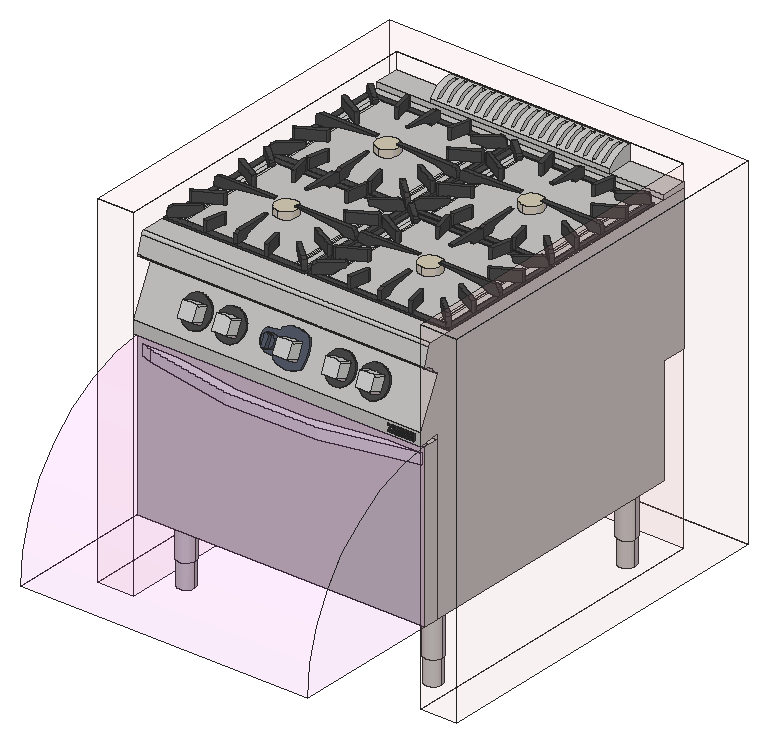
Revit family "QF_ZANUSSI_392029_Z9GCGH4CGL", category Attrezzature speciali, Revit 2020
Family settings
  Quota connettore circolare = Usa diametro
  Tipo di parte = Normale
  Basato su piano di lavoro = No
  Sempre verticale = Sì
  Taglio con vuoti quando caricato = No
  Condiviso = No
  Punto di calcolo locali = No
Parameters (values of type "Standard")
  Weight = 155.00 kg
  Watts = 0 W
  Volts = 0 V
  URL Manufacturer = "http://www.zanussiprofessional.com"
  URL = "http://www.zanussiprofessional.com"
  Steam Supply Size = 0 mm
  Steam Supply Minimum Pressure = 0.0 Pa
  Steam Supply Maximum Pressure = 0.0 Pa
  Steam Consumption per Hour = 0
  Show Logo [instance] = yes
  Show Clearance [instance] = yes
  Refrigeration Suction Line Size = 0 mm
  Refrigeration Liquid Line Size = 0 mm
  Refrigerant Compressor Remote = yes
  Prospetto di default = 0 mm
  Produttore = "Zanussi"
  Phase = 0
  Modello = "Z9GCGH4CGL"
  Length Actual = 800 mm  # constant formula
  Item Number = "392029"
  Hot Water Size = 0 mm
  Height Actual = 850 mm  # constant formula
  HP = "0 HP"
  Gas Size = 12.7 mm
  Gas KW = 32.5
  Gas Input Pressure = 0.332593 W
  Direct Waste Size = 0 mm
  Descrizione = "4X6KW-BURNER(CAST)GAS RANGE+OVEN 800MM"
  Depth Actual = 900 mm  # constant formula
  Cycle = 0 Hz
  Condensate Return Size = 0 mm
  Compressed Air Volume = 0.0 L/s
  Compressed Air Size = 0 mm
  Compressed Air Pressure = 0.0 Pa
  Cold Water Size = 0 mm
  Accessory = yes
Reference planes
  plane 1 "Back": y = 0
  plane 2: z = 0
  plane 3 "Left": x = 0
  plane 4: x = 800
  plane 5: z = 850
  plane 6: x = 400
  plane 7: x = 900
  plane 8: x = -100
  plane 9: y = 100
  plane 10: y = -915
Forms (mm)
  Extrusion 1, solid, material "QF_Finishes_Clearance", visible <- "Show Clearance"
    sketch origin (0, 0, 0) x (1, 0, 0) y (0, 1, 0)
      loop
        line (-100, -915) -> (0, -915) -> (0, 0) -> (800, 0) -> (800, -915) -> (900, -915) -> (900, 100) -> (-100, 100) -> (-100, -915)
    from 0 to 958.9
  Extrusion 2, solid, material "QF_Finishes_Stainless Steel"
    sketch origin (0, 50, 661.213) x (0, 1, 0) y (0, 0, 1)
      loop
        line (-50, 238.788) -> (-50, 253.075) -> (-119.85, 253.075) -> (-119.85, 238.788) -> (-50, 238.788)
    from 0 to 800
  Extrusion 3, solid, material "QF_Finishes_Stainless Steel"
    sketch origin (0, 50, 661.212) x (0, 1, 0) y (0, 0, 1)
      loop
        line (-50, 238.788) -> (-929.358, 238.788)
        arc (-929.358, 238.788) -> (-934.643, 236.598) -> (-936.833, 231.313) r 7.474
        line (-936.833, 231.313) -> (-949.884, 185.798)
        arc (-949.884, 185.798) -> (-949.396, 183.166) -> (-947, 181.971) r 3
        line (-947, 181.971) -> (-936.802, 181.971) -> (-904.982, 150.152) -> (-965, 29.296) -> (-965, -5.704) -> (-908.645, 2.216)
        arc (-908.645, 2.216) -> (-906.101, 1.462) -> (-905, -0.953) r 3.2
        line (-905, -0.953) -> (-905, -462.212) -> (-120, -462.212) -> (-120, -162.212) -> (-50, -162.212) -> (-50, 238.788)
      loop
        line (-950, -11.212) -> (-950, -462.212) -> (-910, -462.212) -> (-910, -11.212) -> (-950, -11.212)
    from 0 to 800
  Extrusion 4, solid, material "QF_Finishes_Door Clearance", visible <- "Show Clearance"
    sketch origin (0, -206.665, 6.362) x (0, 1, 0) y (0, 0, 1)
      loop
        line (-1103.537, 192.638) -> (-683.335, 192.638) -> (-683.335, 645.379)
        arc (-683.335, 645.379) -> (-982.298, 501.484) -> (-1103.537, 192.638) r 454.002
    from 0 to 800
  Extrusion 5, solid, material "QF_Finishes_Stainless Steel"
    sketch origin (-303.042, -201, 191.278) x (-1, 0, 0) y (0, -1, 0)
      loop
        circle (-1052.042, 464) r 6.35
    from -1.278 to 7.722
Dimensions and locks
  plane 3 "Left" to plane 4 = 800 mm
  equal spacing: plane 3 "Left", plane 6, plane 4
  plane 1 "Back" to plane 9 = 100 mm
  plane 4 to plane 7 = 100 mm
  plane 8 to plane 3 "Left" = 100 mm
  plane 1 "Back" to plane 10 = 915 mm
  Extrusion 3 to level = 900 mm
  aligned and locked: level to plane 2
Automatic sketch dimensions
  Extrusion 1 sketch curve to plane 8 = 0 mm
  Extrusion 1 sketch curve to plane 3 "Left" = 0 mm
  plane 1 "Back" to Extrusion 1 sketch curve = 0 mm
  Extrusion 1 sketch curve to plane 4 = 0 mm
  Extrusion 1 sketch curve to plane 7 = 0 mm
  Extrusion 1 sketch curve to plane 10 = 0 mm  (x2)
  Extrusion 1 sketch curve to plane 9 = 0 mm
  Extrusion 2 sketch curve to plane 1 "Back" = 0 mm
  plane 1 "Back" to Extrusion 2 sketch curve = 69.85 mm
  Extrusion 2 sketch curve to plane 5 = 50 mm
  Extrusion 2 sketch curve to Extrusion 2 sketch curve = 14.288 mm
  Extrusion 3 sketch curve to plane 10 = 0 mm
  Extrusion 3 sketch curve to plane 1 "Back" = 0 mm
  plane 10 to Extrusion 3 sketch curve = 15 mm
  plane 5 to Extrusion 3 sketch curve = 2.989 mm
  plane 10 to Extrusion 3 sketch curve = 15.116 mm
  Extrusion 3 sketch curve to Extrusion 3 sketch curve = 2.884 mm
  plane 10 to Extrusion 3 sketch curve = 28.167 mm
  Extrusion 3 sketch curve to Extrusion 3 sketch curve = 10.198 mm
  Extrusion 3 sketch curve to Extrusion 3 sketch curve = 7.474 mm
  Extrusion 3 sketch curve to Extrusion 3 sketch curve = 40 mm
  Extrusion 3 sketch curve to Extrusion 3 sketch curve = 1.355 mm
  Extrusion 3 sketch curve to Extrusion 3 sketch curve = 0.445 mm
  Extrusion 3 sketch curve to Extrusion 3 sketch curve = 5 mm
  Extrusion 3 sketch curve to Extrusion 3 sketch curve = 31.82 mm
  plane 1 "Back" to Extrusion 3 sketch curve = 70 mm
  Extrusion 3 sketch curve to Extrusion 3 sketch curve = 0.827 mm
  plane 5 to Extrusion 3 sketch curve = 38.636 mm
  Extrusion 3 sketch curve to Extrusion 3 sketch curve = 120.856 mm
  Extrusion 3 sketch curve to Extrusion 3 sketch curve = 27.08 mm
  Extrusion 3 sketch curve to Extrusion 3 sketch curve = 35 mm
  Extrusion 3 sketch curve to Extrusion 3 sketch curve = 5.508 mm
  Extrusion 3 sketch curve to plane 5 = 42.526 mm
  Extrusion 4 sketch curve to plane 10 = 395.202 mm
  plane 10 to Extrusion 4 sketch curve = 25 mm
  Extrusion 4 sketch curve to Extrusion 4 sketch curve = 33.8 mm
  plane 4 to Extrusion 5 sketch curve = 51 mm
  plane 10 to Extrusion 5 sketch curve = 250 mm
  plane 5 to Extrusion 3 sketch curve = 351 mm
  level to Extrusion 3 sketch curve = 199 mm  (x2)
  level to Extrusion 4 sketch curve = 199 mm
  radius of Extrusion 5 sketch curve = 6.35 mm
Nested families
  nested 1: "Uscita_Fumi_500" at (400, -34.925, 914.288), type "Uscita_Fumi_500"
  nested 2: "ZANUSSI_BURNER" at (2.5, -458.125, 50), type "ZANUSSI_BURNER"
    with Status "", Specification by User "", Revision Code "", Item Number "", Installed By "", Identify Quantity as Lot yes, Furnished By "", Foodservice Equipment Identifier yes
  nested 3: "ZANUSSI_BURNER" at (2.5, -454.983, 50), type "ZANUSSI_BURNER"
    with Status "", Specification by User "", Revision Code "", Item Number "", Installed By "", Identify Quantity as Lot yes, Furnished By "", Foodservice Equipment Identifier yes
  nested 4: "ZANUSSI_BURNER" at (797.5, -458.125, 50) x (-1, 0, 0) z (0, 0, 1), type "ZANUSSI_BURNER"
    with Status "", Specification by User "", Revision Code "", Item Number "", Installed By "", Identify Quantity as Lot yes, Furnished By "", Foodservice Equipment Identifier yes
  nested 5: "ZANUSSI_BURNER" at (797.5, -454.983, 50) x (-1, 0, 0) z (0, 0, 1), type "ZANUSSI_BURNER"
    with Status "", Specification by User "", Revision Code "", Item Number "", Installed By "", Identify Quantity as Lot yes, Furnished By "", Foodservice Equipment Identifier yes
  nested 6: "CONTROLLER_XP-ZAN" at (698, -884.548, 751.827) x (1, 0, 0) z (0, -0.8956, 0.4448), type "CONTROLLER_XP-ZAN"
  nested 7: "CONTROLLER_XP-ZAN" at (603, -884.548, 751.827) x (1, 0, 0) z (0, -0.8956, 0.4448), type "CONTROLLER_XP-ZAN"
  nested 8: "CONTROLLER_XP-ZAN" at (298, -884.548, 751.827) x (1, 0, 0) z (0, -0.8956, 0.4448), type "CONTROLLER_XP-ZAN"
  nested 9: "CONTROLLER_XP-ZAN" at (203, -884.548, 751.827) x (1, 0, 0) z (0, -0.8956, 0.4448), type "CONTROLLER_XP-ZAN"
  nested 10: "CONTROLLER_DOPPIO_ZAN" at (391.481, -884.548, 751.827) x (1, 0, 0) z (0, -0.8956, 0.4448), type "CONTROLLER_DOPPIO_ZAN"
  nested 11: "ZANUSSI_Logo" at (749.92, -915, 722.184) x (1, 0, 0) z (0, -1, 0), Show Logo <- "Show Logo", visible <- "Show Logo", type "ZANUSSI_Logo"
    with Show Logo yes
  nested 12: "MANIGLIONE_ZANUSSI" at (400, -900, 615.684) x (1, 0, 0) z (0, -1, 0), type "MANIGLIONE_ZANUSSI"
  nested 13: "Piedino 50xH200_par" at (56, -128, 0), type "Piedino 50xH200_par"
    with H 200 mm
  nested 14: "Piedino 50xH200_par" at (744, -128, 0), type "Piedino 50xH200_par"
    with H 200 mm
  nested 15: "Piedino 50xH200_par" at (744, -802, 0), type "Piedino 50xH200_par"
    with H 200 mm
  nested 16: "Piedino 50xH200_par" at (56, -802, 0), type "Piedino 50xH200_par"
    with H 200 mm
Connectors
  piping at (749, -665, 190), diameter 12.7, driven by "Gas Size"
    settings: on Extrusion 5, index 13, connector inside diameter 12.8 mm, connector length 0 mm, flow factor 0, pipe flow 0.0 L/s, pressure drop 0.0 Pa, fitting loss kfactor 0, connector angle 0.00°, fixture units 0, engagement length 0 mm, angle of deflection 0.00°, flow configuration 1, flow direction 1, fitting loss method 0, system type 29, joint type 0, gender type 0, connector reference index -1, connector utility 0, adjustable connector no, is connector primary yes, connector description "Gas Connection"
Definition of nested family "Uscita_Fumi_500"
  Parameters (values of type "Uscita_Fumi_500")
    Default Elevation = 1219.2 mm
  Reference planes
    plane 1 "Centro (Fronte/Retro)": y = 0
    plane 2: z = 0
    plane 3 "Centro (Sinistra/Destra)": x = 0
  Forms (mm)
    Extrusion 1, solid
      sketch origin (0, 0, 0) x (1, 0, 0) y (0, 1, 0)
        loop
          line (-1219.2, 1219.2) -> (-1219.2, -1219.2) -> (1219.2, -1219.2) -> (1219.2, 1219.2) -> (-1219.2, 1219.2)
      from 0 to -304.8
    Extrusion 2, solid
      sketch origin (-150, 34.925, -289.638) x (0, 1, 0) y (0, 0, 1)
        loop
          line (0, 289.638) -> (0, 331.738)
          arc (0, 331.738) -> (-38.857, 324.552) -> (-69.85, 300.038) r 82.056
          line (-69.85, 300.038) -> (-69.85, 289.638) -> (0, 289.638)
      from -100 to 400
    Extrusion 3, void
      sketch origin (-262.5, 34.925, -15) x (0, -1, 0) y (1, 0, 0)
        loop
          line (6.761, 29.703) -> (63.911, 29.703) -> (63.911, 38.999) -> (6.761, 38.999) -> (6.761, 29.703)
        loop
          line (63.911, 64.487) -> (6.761, 64.487) -> (6.761, 55.191) -> (63.911, 55.191) -> (63.911, 64.487)
        loop
          line (63.911, 89.975) -> (6.761, 89.975) -> (6.761, 80.68) -> (63.911, 80.68) -> (63.911, 89.975)
        loop
          line (63.911, 115.464) -> (6.761, 115.464) -> (6.761, 106.168) -> (63.911, 106.168) -> (63.911, 115.464)
        loop
          line (63.911, 140.952) -> (6.761, 140.952) -> (6.761, 131.656) -> (63.911, 131.656) -> (63.911, 140.952)
        loop
          line (63.911, 166.44) -> (6.761, 166.44) -> (6.761, 157.145) -> (63.911, 157.145) -> (63.911, 166.44)
        loop
          line (63.911, 191.929) -> (6.761, 191.929) -> (6.761, 182.633) -> (63.911, 182.633) -> (63.911, 191.929)
        loop
          line (63.911, 217.417) -> (6.761, 217.417) -> (6.761, 208.121) -> (63.911, 208.121) -> (63.911, 217.417)
        loop
          line (63.911, 242.905) -> (6.761, 242.905) -> (6.761, 233.61) -> (63.911, 233.61) -> (63.911, 242.905)
        loop
          line (63.911, 268.394) -> (6.761, 268.394) -> (6.761, 259.098) -> (63.911, 259.098) -> (63.911, 268.394)
        loop
          line (63.911, 293.882) -> (6.761, 293.882) -> (6.761, 284.586) -> (63.911, 284.586) -> (63.911, 293.882)
        loop
          line (63.911, 319.37) -> (6.761, 319.37) -> (6.761, 310.075) -> (63.911, 310.075) -> (63.911, 319.37)
        loop
          line (63.911, 344.859) -> (6.761, 344.859) -> (6.761, 335.563) -> (63.911, 335.563) -> (63.911, 344.859)
        loop
          line (63.911, 370.347) -> (6.761, 370.347) -> (6.761, 361.051) -> (63.911, 361.051) -> (63.911, 370.347)
        loop
          line (63.911, 393.394) -> (6.761, 393.394) -> (6.761, 384.098) -> (63.911, 384.098) -> (63.911, 393.394)
        loop
          line (63.911, 418.882) -> (6.761, 418.882) -> (6.761, 409.586) -> (63.911, 409.586) -> (63.911, 418.882)
        loop
          line (63.911, 444.37) -> (6.761, 444.37) -> (6.761, 435.075) -> (63.911, 435.075) -> (63.911, 444.37)
        loop
          line (63.911, 469.859) -> (6.761, 469.859) -> (6.761, 460.563) -> (63.911, 460.563) -> (63.911, 469.859)
        loop
          line (63.911, 495.347) -> (6.761, 495.347) -> (6.761, 486.051) -> (63.911, 486.051) -> (63.911, 495.347)
      from 25.4 to 63.5
  Cuts and joins
    Extrusion 3 cuts Extrusion 2
  Dimensions and locks
    cut or joined group of Extrusion 2, Extrusion 3 to cut or joined group of Extrusion 2, Extrusion 3 = 500 mm
    aligned and locked: plane 2 to Extrusion 1
    aligned and locked: level to Extrusion 1
Definition of nested family "ZANUSSI_BURNER"
  Parameters (values of type "ZANUSSI_BURNER")
    Weight in Pounds = 0
    URL Cutsheet = ""
    URL = "www.electrolux.com"
    Type Mark [instance] = ""
    Status [instance] = ""
    Specification by User [instance] = ""
    Specification by Manufacturer = ""
    Show Clearance [instance] = yes
    Serial Number = ""
    Seismic Rating = ""
    SMACNA No = ""
    Revision Code [instance] = ""
    Default Elevation = 0 mm
    Omniclass Number and Title = ""
    NAFEM Spec ID Number = ""
    Model = "392010"
    Masterspec = ""
    Manufacturer = "ELECTROLUX"
    Item Number [instance] = ""
    Installed By [instance] = ""
    Identify Quantity as Lot [instance] = yes
    Furnished By [instance] = ""
    Foodservice Equipment Identifier [instance] = yes
    Description = ""
    CSI MasterFormat = ""
    CSI Master Format = ""
  Reference planes
    plane 1 "BACK": y = 0
    plane 2: z = 0
    plane 3 "LEFT": x = 0
    plane 4 "RIGHT": x = 393.7
    plane 5 "FRONT": y = -355.6
    plane 6 "TOP": z = 908.85
    plane 7 "Center Y": x = 196.85
    plane 8 "Center X": y = -177.8
    plane 9 "Base": z = 150
    plane 10: z = 850.85
  Forms (mm)
    Extrusion 1, solid
      sketch origin (-6.433, -404.961, 5) x (1, 0, 0) y (0, 0, -1)
        loop
          arc (7.142, -850.85) -> (6.739, -862.989) -> (9.761, -874.752) r 42.809
          line (9.761, -874.752) -> (19.961, -879.425) -> (173.122, -879.425)
          arc (173.122, -879.425) -> (174.316, -878.312) -> (173.289, -877.043) r 1.197
          line (173.289, -877.043) -> (64.848, -864.021)
          arc (64.848, -864.021) -> (50.111, -858.738) -> (36.589, -850.85) r 85.245
          line (36.589, -850.85) -> (7.142, -850.85)
        loop
          line (399.424, -850.85) -> (369.977, -850.85)
          arc (369.977, -850.85) -> (356.455, -858.738) -> (341.718, -864.021) r 85.245
          line (341.718, -864.021) -> (233.277, -877.043)
          arc (233.277, -877.043) -> (232.25, -878.312) -> (233.444, -879.425) r 1.197
          line (233.444, -879.425) -> (386.605, -879.425) -> (396.806, -874.752)
          arc (396.806, -874.752) -> (399.827, -862.989) -> (399.424, -850.85) r 42.809
      from 224.564 to 234.564
    Extrusion 2, solid
      sketch origin (196.85, 175.397, 1219.2) x (0, 1, 0) y (0, 0, 1)
        loop
          line (-204.463, -363.35) -> (-175.397, -363.35) -> (-175.397, -339.506)
          arc (-175.397, -339.506) -> (-181.025, -338.266) -> (-185.611, -334.775) r 13.39
          line (-185.611, -334.775) -> (-278.903, -334.775)
          arc (-278.903, -334.775) -> (-280.097, -335.888) -> (-279.07, -337.157) r 1.197
          line (-279.07, -337.157) -> (-227.151, -347.464)
          arc (-227.151, -347.464) -> (-213.741, -352.457) -> (-204.463, -363.35) r 28.426
        loop
          arc (-496.332, -363.35) -> (-487.053, -352.457) -> (-473.644, -347.464) r 28.426
          line (-473.644, -347.464) -> (-421.725, -337.157)
          arc (-421.725, -337.157) -> (-420.697, -335.888) -> (-421.891, -334.775) r 1.197
          line (-421.891, -334.775) -> (-515.184, -334.775)
          arc (-515.184, -334.775) -> (-519.769, -338.266) -> (-525.397, -339.506) r 13.39
          line (-525.397, -339.506) -> (-525.397, -363.35) -> (-496.332, -363.35)
      from -5 to 5
    Extrusion 3, solid
      sketch origin (-6.433, 367.064, 850.85) x (0, -1, 0) y (1, 0, 0)
        loop
          line (722.664, 6.433) -> (722.664, 400.133) -> (367.064, 400.133) -> (367.064, 6.433) -> (722.664, 6.433)
        loop
          line (382.064, 21.433) -> (707.664, 21.433) -> (707.664, 385.133) -> (382.064, 385.133) -> (382.064, 21.433)
      from 0 to 5
    Extrusion 4, solid
      sketch origin (-18.933, 367.064, 855.85) x (0, -1, 0) y (1, 0, 0)
        loop
          circle (541.667, 215.783) r 30
      from -1.321 to 17.134
    Extrusion 5, solid
      sketch origin (-6.433, -367.064, 0) x (1, 0, 0) y (0, 0, -1)
        loop
          line (21.433, -855.85) -> (36.589, -855.85)
          arc (36.589, -855.85) -> (40.561, -855.243) -> (44.305, -853.783) r 18.259
          arc (44.305, -853.783) -> (45.997, -853.366) -> (47.69, -853.783) r 3.649
          arc (47.69, -853.783) -> (49.901, -854.522) -> (52.232, -854.529) r 7.328
          line (52.232, -854.529) -> (354.334, -854.529)
          arc (354.334, -854.529) -> (356.666, -854.522) -> (358.877, -853.783) r 7.328
          arc (358.877, -853.783) -> (360.569, -853.366) -> (362.261, -853.783) r 3.649
          arc (362.261, -853.783) -> (366.005, -855.243) -> (369.977, -855.85) r 18.259
          line (369.977, -855.85) -> (385.133, -855.85) -> (385.133, -850.85) -> (21.433, -850.85) -> (21.433, -855.85)
      from 26.464 to 352.064
    Extrusion 6, solid
      sketch origin (83.284, -458.334, 5) x (0.742103, 0.670286, 0) y (0, 0, -1)
        loop
          arc (88.629, -864.012) -> (73.909, -858.731) -> (60.402, -850.85) r 85.245
          line (60.402, -850.85) -> (14.993, -850.85)
          arc (14.993, -850.85) -> (14.642, -862.948) -> (17.686, -874.663) r 42.876
          line (17.686, -874.663) -> (27.899, -879.425) -> (89.664, -879.425)
          arc (89.664, -879.425) -> (92.39, -878.352) -> (93.654, -875.709) r 4
          arc (93.654, -875.709) -> (92.562, -869.25) -> (88.629, -864.012) r 13.87
        loop
          arc (457.638, -864.012) -> (453.704, -869.25) -> (452.613, -875.709) r 13.87
          arc (452.613, -875.709) -> (453.876, -878.352) -> (456.603, -879.425) r 4
          line (456.603, -879.425) -> (518.367, -879.425) -> (528.581, -874.663)
          arc (528.581, -874.663) -> (531.624, -862.948) -> (531.273, -850.85) r 42.876
          line (531.273, -850.85) -> (485.865, -850.85)
          arc (485.865, -850.85) -> (472.357, -858.731) -> (457.638, -864.012) r 85.245
      from 127.064 to 137.064
    Extrusion 7, solid
      sketch origin (310.416, -458.334, 5) x (-0.742103, 0.670286, 0) y (0, 0, 1)
        loop
          arc (88.629, 864.012) -> (92.562, 869.25) -> (93.654, 875.709) r 13.87
          arc (93.654, 875.709) -> (92.39, 878.352) -> (89.664, 879.425) r 4
          line (89.664, 879.425) -> (27.899, 879.425) -> (17.686, 874.663)
          arc (17.686, 874.663) -> (14.642, 862.948) -> (14.993, 850.85) r 42.876
          line (14.993, 850.85) -> (60.402, 850.85)
          arc (60.402, 850.85) -> (73.909, 858.731) -> (88.629, 864.012) r 85.245
        loop
          arc (457.638, 864.012) -> (472.357, 858.731) -> (485.865, 850.85) r 85.245
          line (485.865, 850.85) -> (531.273, 850.85)
          arc (531.273, 850.85) -> (531.624, 862.948) -> (528.581, 874.663) r 42.876
          line (528.581, 874.663) -> (518.367, 879.425) -> (456.603, 879.425)
          arc (456.603, 879.425) -> (453.876, 878.352) -> (452.613, 875.709) r 4
          arc (452.613, 875.709) -> (453.704, 869.25) -> (457.638, 864.012) r 13.87
      from 127.064 to 137.064
    Extrusion 8, solid
      sketch origin (-6.433, 367.064, 855.85) x (0, -1, 0) y (1, 0, 0)
        loop
          arc (626.166, 9.428) -> (632.956, 7.454) -> (634.93, 14.244) r 5
          line (634.93, 14.244) -> (600.514, 76.878)
          arc (600.514, 76.878) -> (593.724, 78.852) -> (591.75, 72.062) r 5
          line (591.75, 72.062) -> (626.166, 9.428)
        loop
          line (463.562, 9.428) -> (497.977, 72.062)
          arc (497.977, 72.062) -> (496.003, 78.852) -> (489.213, 76.878) r 5
          line (489.213, 76.878) -> (454.798, 14.244)
          arc (454.798, 14.244) -> (456.772, 7.454) -> (463.562, 9.428) r 5
        loop
          line (626.166, 397.138) -> (591.75, 334.504)
          arc (591.75, 334.504) -> (593.724, 327.714) -> (600.514, 329.689) r 5
          line (600.514, 329.689) -> (634.93, 392.323)
          arc (634.93, 392.323) -> (632.956, 399.113) -> (626.166, 397.138) r 5
        loop
          arc (463.562, 397.138) -> (456.772, 399.113) -> (454.798, 392.323) r 5
          line (454.798, 392.323) -> (489.213, 329.689)
          arc (489.213, 329.689) -> (496.003, 327.714) -> (497.977, 334.504) r 5
          line (497.977, 334.504) -> (463.562, 397.138)
        loop
          line (715.14, 293.499) -> (666.703, 282.317)
          arc (666.703, 282.317) -> (662.956, 276.32) -> (668.953, 272.573) r 5
          line (668.953, 272.573) -> (717.389, 283.756)
          arc (717.389, 283.756) -> (721.136, 289.752) -> (715.14, 293.499) r 5
        loop
          arc (715.14, 113.067) -> (721.136, 116.814) -> (717.389, 122.811) r 5
          line (717.389, 122.811) -> (668.953, 133.993)
          arc (668.953, 133.993) -> (662.956, 130.246) -> (666.703, 124.249) r 5
          line (666.703, 124.249) -> (715.14, 113.067)
        loop
          arc (374.588, 293.499) -> (368.591, 289.752) -> (372.338, 283.756) r 5
          line (372.338, 283.756) -> (420.775, 272.573)
          arc (420.775, 272.573) -> (426.771, 276.32) -> (423.024, 282.317) r 5
          line (423.024, 282.317) -> (374.588, 293.499)
        loop
          line (374.588, 113.067) -> (423.024, 124.249)
          arc (423.024, 124.249) -> (426.771, 130.246) -> (420.775, 133.993) r 5
          line (420.775, 133.993) -> (372.338, 122.811)
          arc (372.338, 122.811) -> (368.591, 116.814) -> (374.588, 113.067) r 5
      from 0 to 28.575
  Lines and regions (mm)
    symbolic lines
      curve 1: line (157.475, -170.397, 150) -> (157.475, -15, 150)
      curve 2: line (236.225, -170.397, 150) -> (236.225, -15, 150)
      curve 3: arc (158.678, -180.397, 0) -> (170.734, -200.207, 0) -> (191.85, -209.795, 0) r 39.375
      curve 4: line (163.825, -170.397, 150) -> (163.825, -15, 150)
      curve 5: line (229.875, -170.397, 150) -> (229.875, -15, 150)
      curve 6: line (144.775, -170.397, 150) -> (144.775, -15, 150)
      curve 7: line (248.925, -170.397, 150) -> (248.925, -15, 150)
      curve 8: arc (145.678, -180.397, 0) -> (161.728, -209.187, 0) -> (191.85, -222.573, 0) r 52.075
      curve 9: arc (201.85, -209.795, 0) -> (222.966, -200.207, 0) -> (235.022, -180.397, 0) r 39.375
      curve 10: arc (201.85, -222.573, 0) -> (231.931, -209.224, 0) -> (248.001, -180.504, 0) r 52.075
  Dimensions and locks
    equal spacing: plane 3 "LEFT", plane 7 "Center Y", plane 4 "RIGHT"
    plane 3 "LEFT" to plane 4 "RIGHT" = 393.7 mm
    equal spacing: plane 5 "FRONT", plane 8 "Center X", plane 1 "BACK"
    plane 5 "FRONT" to plane 1 "BACK" = 355.6 mm
    plane 6 "TOP" to level = 908.85 mm
    plane 9 "Base" to level = 150 mm
    plane 6 "TOP" to plane 10 = 58 mm  (x2)
    locked: Extrusion 4 sketch curve to plane 7 "Center Y" at 0
    aligned and locked: level to plane 2
  Automatic sketch dimensions
    plane 1 "BACK" to curve 7 = 15 mm
    plane 7 "Center Y" to curve 7 = 52.075 mm
    curve 7 to curve 2 = 12.7 mm
    curve 2 to curve 5 = 6.35 mm
    curve 4 to curve 1 = 6.35 mm
    plane 8 "Center X" to curve 6 = 7.403 mm
    curve 1 to curve 6 = 12.7 mm
    plane 3 "LEFT" to Extrusion 1 sketch curve = 0.709 mm
    plane 3 "LEFT" to Extrusion 1 sketch curve = 3.327 mm
    Extrusion 1 sketch curve to Extrusion 1 sketch curve = 10.201 mm
    plane 10 to Extrusion 1 sketch curve = 5 mm  (x2)
    Extrusion 1 sketch curve to Extrusion 1 sketch curve = 29.447 mm
    Extrusion 1 sketch curve to Extrusion 1 sketch curve = 12.704 mm  (x2)
    Extrusion 1 sketch curve to Extrusion 1 sketch curve = 15.555 mm  (x2)
    plane 3 "LEFT" to Extrusion 1 sketch curve = 79.689 mm
    Extrusion 1 sketch curve to plane 7 "Center Y" = 30.161 mm
    Extrusion 1 sketch curve to Extrusion 1 sketch curve = 0.167 mm  (x2)
    plane 7 "Center Y" to Extrusion 1 sketch curve = 29.994 mm
    Extrusion 1 sketch curve to plane 4 "RIGHT" = 79.689 mm
    plane 10 to Extrusion 1 sketch curve = 18.171 mm
    Extrusion 1 sketch curve to plane 4 "RIGHT" = 58.415 mm
    Extrusion 1 sketch curve to plane 4 "RIGHT" = 13.528 mm
    Extrusion 1 sketch curve to plane 4 "RIGHT" = 3.327 mm
    Extrusion 1 sketch curve to plane 4 "RIGHT" = 0.709 mm
    Extrusion 1 sketch curve to Extrusion 1 sketch curve = 23.902 mm  (x2)
    Extrusion 1 sketch curve to plane 6 "TOP" = 26.807 mm  (x2)
    Extrusion 1 sketch curve to Extrusion 1 sketch curve = 1.185 mm  (x2)
    Extrusion 1 sketch curve to Extrusion 1 sketch curve = 5.694 mm
    Extrusion 2 sketch curve to plane 1 "BACK" = 0 mm
    plane 1 "BACK" to Extrusion 2 sketch curve = 10.213 mm
    plane 10 to Extrusion 2 sketch curve = 5 mm  (x2)
    plane 1 "BACK" to Extrusion 2 sketch curve = 29.066 mm
    plane 10 to Extrusion 2 sketch curve = 20.886 mm
    Extrusion 2 sketch curve to Extrusion 2 sketch curve = 22.688 mm  (x2)
    Extrusion 2 sketch curve to plane 10 = 7.392 mm  (x2)
    Extrusion 2 sketch curve to plane 6 "TOP" = 24.425 mm
    Extrusion 2 sketch curve to Extrusion 2 sketch curve = 51.752 mm
    Extrusion 2 sketch curve to plane 6 "TOP" = 26.807 mm  (x2)
    Extrusion 2 sketch curve to Extrusion 2 sketch curve = 0.167 mm  (x2)
    Extrusion 2 sketch curve to plane 8 "Center X" = 68.528 mm
    Extrusion 2 sketch curve to plane 5 "FRONT" = 60.248 mm
    Extrusion 2 sketch curve to Extrusion 2 sketch curve = 2.895 mm
    Extrusion 2 sketch curve to plane 5 "FRONT" = 15.813 mm
    Extrusion 2 sketch curve to plane 5 "FRONT" = 5.6 mm
    Extrusion 2 sketch curve to Extrusion 2 sketch curve = 4.731 mm
    Extrusion 2 sketch curve to Extrusion 2 sketch curve = 23.844 mm
    Extrusion 2 sketch curve to Extrusion 2 sketch curve = 1.185 mm
    plane 1 "BACK" to Extrusion 3 sketch curve = 0 mm
    Extrusion 3 sketch curve to plane 3 "LEFT" = 0 mm
    plane 5 "FRONT" to Extrusion 3 sketch curve = 0 mm
    Extrusion 3 sketch curve to plane 4 "RIGHT" = 0 mm
    plane 1 "BACK" to Extrusion 3 sketch curve = 15 mm
    Extrusion 3 sketch curve to plane 5 "FRONT" = 15 mm
    plane 3 "LEFT" to Extrusion 3 sketch curve = 15 mm
    Extrusion 3 sketch curve to plane 4 "RIGHT" = 15 mm
    Extrusion 3 to Extrusion 4 sketch curve = 159.603 mm
    Extrusion 5 sketch curve to plane 10 = 0 mm
    plane 3 "LEFT" to Extrusion 5 sketch curve = 15 mm
    Extrusion 5 sketch curve to Extrusion 5 sketch curve = 14.402 mm
    plane 10 to Extrusion 5 sketch curve = 5 mm
    Extrusion 5 sketch curve to Extrusion 5 sketch curve = 15.156 mm
    plane 10 to Extrusion 5 sketch curve = 2.933 mm  (x3)
    Extrusion 5 sketch curve to Extrusion 5 sketch curve = 7.716 mm  (x2)
    Extrusion 5 sketch curve to Extrusion 5 sketch curve = 0 mm  (x3)
    Extrusion 5 sketch curve to Extrusion 5 sketch curve = 1.692 mm  (x2)
    Extrusion 5 sketch curve to Extrusion 5 sketch curve = 3.385 mm  (x2)
    Extrusion 5 sketch curve to plane 10 = 3.559 mm  (x2)
    plane 10 to Extrusion 5 sketch curve = 3.679 mm
    Extrusion 5 sketch curve to plane 4 "RIGHT" = 45.799 mm
    Extrusion 5 sketch curve to Extrusion 5 sketch curve = 1.143 mm
    Extrusion 5 sketch curve to plane 10 = 13.244 mm
    Extrusion 5 sketch curve to plane 4 "RIGHT" = 15 mm
    plane 10 to Extrusion 6 sketch curve = 5 mm  (x2)
    Extrusion 6 sketch curve to Extrusion 6 sketch curve = 2.692 mm  (x2)
    Extrusion 6 sketch curve to Extrusion 6 sketch curve = 10.213 mm  (x2)
    plane 10 to Extrusion 6 sketch curve = 12.281 mm
    Extrusion 6 sketch curve to Extrusion 6 sketch curve = 29.348 mm  (x2)
    Extrusion 6 sketch curve to Extrusion 6 sketch curve = 3.155 mm  (x2)
    Extrusion 6 sketch curve to Extrusion 6 sketch curve = 22.572 mm
    Extrusion 6 sketch curve to Extrusion 6 sketch curve = 8.81 mm
    Extrusion 6 sketch curve to Extrusion 6 sketch curve = 9.845 mm  (x2)
    Extrusion 6 sketch curve to Extrusion 6 sketch curve = 3.99 mm  (x2)
    Extrusion 6 sketch curve to Extrusion 6 sketch curve = 0 mm  (x2)
    Extrusion 6 sketch curve to Extrusion 6 sketch curve = 49.533 mm
    Extrusion 6 sketch curve to plane 10 = 64.377 mm
    Extrusion 6 sketch curve to Extrusion 6 sketch curve = 326.397 mm
    Extrusion 6 sketch curve to plane 6 "TOP" = 28.141 mm
    Extrusion 6 sketch curve to Extrusion 6 sketch curve = 16.281 mm
    Extrusion 6 sketch curve to Extrusion 6 sketch curve = 1.035 mm
    Extrusion 6 sketch curve to Extrusion 6 sketch curve = 19.417 mm
    Extrusion 6 sketch curve to Extrusion 6 sketch curve = 4.763 mm  (x2)
    Extrusion 6 sketch curve to Extrusion 6 sketch curve = 3.716 mm
    plane 10 to Extrusion 7 sketch curve = 5 mm  (x2)
    Extrusion 7 sketch curve to Extrusion 7 sketch curve = 2.692 mm  (x2)
    Extrusion 7 sketch curve to Extrusion 7 sketch curve = 10.213 mm  (x2)
    plane 10 to Extrusion 7 sketch curve = 12.281 mm
    Extrusion 7 sketch curve to Extrusion 7 sketch curve = 29.348 mm  (x2)
    Extrusion 7 sketch curve to Extrusion 7 sketch curve = 3.155 mm  (x2)
    Extrusion 7 sketch curve to Extrusion 7 sketch curve = 22.572 mm
    Extrusion 7 sketch curve to Extrusion 7 sketch curve = 8.81 mm
    Extrusion 7 sketch curve to Extrusion 7 sketch curve = 9.845 mm  (x2)
    Extrusion 7 sketch curve to Extrusion 7 sketch curve = 3.99 mm  (x2)
    Extrusion 7 sketch curve to Extrusion 7 sketch curve = 0 mm  (x2)
    Extrusion 7 sketch curve to Extrusion 7 sketch curve = 21.306 mm
    Extrusion 7 sketch curve to plane 10 = 64.377 mm  (x2)
    Extrusion 7 sketch curve to Extrusion 7 sketch curve = 326.397 mm
    Extrusion 7 sketch curve to plane 6 "TOP" = 28.141 mm
    Extrusion 7 sketch curve to Extrusion 7 sketch curve = 16.281 mm
    Extrusion 7 sketch curve to Extrusion 7 sketch curve = 1.035 mm
    Extrusion 7 sketch curve to Extrusion 7 sketch curve = 19.417 mm
    Extrusion 7 sketch curve to Extrusion 7 sketch curve = 7.281 mm
    Extrusion 7 sketch curve to Extrusion 7 sketch curve = 10.713 mm
    curve 3 to curve 8 = 0 mm  (x2)
    curve 3 to curve 9 = 0 mm  (x2)
    curve 3 to curve 10 = 0 mm  (x2)
    curve 3 to plane 7 "Center Y" = 0 mm
    curve 8 to plane 8 "Center X" = 2.597 mm
    curve 8 to plane 7 "Center Y" = 51.172 mm
    curve 3 to plane 8 "Center X" = 2.597 mm
    curve 8 to curve 3 = 12.999 mm
    curve 3 to plane 7 "Center Y" = 5 mm
    curve 8 to plane 7 "Center Y" = 5 mm
    plane 7 "Center Y" to curve 10 = 5 mm
    curve 9 to plane 8 "Center X" = 2.597 mm
    plane 7 "Center Y" to curve 9 = 38.172 mm
    curve 10 to plane 8 "Center X" = 2.704 mm
    curve 9 to curve 10 = 12.979 mm
    curve 10 to plane 8 "Center X" = 44.773 mm
    Extrusion 8 sketch curve to Extrusion 3 = 5.275 mm  (x2)
    Extrusion 8 sketch curve to Extrusion 8 sketch curve = 1.125 mm  (x16)
    Extrusion 3 to Extrusion 8 sketch curve = 38.711 mm  (x2)
    Extrusion 8 sketch curve to Extrusion 3 = 7.19 mm  (x3)
    Extrusion 3 to Extrusion 8 sketch curve = 72.734 mm  (x2)
    Extrusion 8 sketch curve to Extrusion 8 sketch curve = 4.382 mm  (x16)
    Extrusion 8 sketch curve to Extrusion 3 = 2.995 mm  (x4)
    Extrusion 8 sketch curve to Extrusion 8 sketch curve = 34.416 mm  (x4)
    Extrusion 3 to Extrusion 8 sketch curve = 50.629 mm  (x3)
    Extrusion 8 sketch curve to Extrusion 8 sketch curve = 93.773 mm  (x2)
    Extrusion 3 to Extrusion 8 sketch curve = 40.96 mm  (x2)
    Extrusion 8 sketch curve to Extrusion 3 = 7.476 mm  (x2)
    Extrusion 8 sketch curve to Extrusion 8 sketch curve = 2.408 mm  (x4)
    Extrusion 3 to Extrusion 8 sketch curve = 91.634 mm  (x2)
    Extrusion 8 sketch curve to Extrusion 8 sketch curve = 4.872 mm  (x8)
    Extrusion 8 sketch curve to Extrusion 8 sketch curve = 11.182 mm  (x4)
    Extrusion 3 to Extrusion 8 sketch curve = 112.56 mm
    Extrusion 8 sketch curve to Extrusion 8 sketch curve = 61.931 mm
    Extrusion 3 to Extrusion 8 sketch curve = 55.445 mm
    Extrusion 8 sketch curve to Extrusion 8 sketch curve = 4.816 mm
    plane 7 "Center Y" to curve 9 = 5 mm
    plane 8 "Center X" to curve 4 = 7.403 mm
    curve 4 to plane 7 "Center Y" = 33.025 mm
    plane 1 "BACK" to curve 1 = 15 mm
    plane 1 "BACK" to curve 5 = 15 mm
    curve 5 to curve 2 = 0 mm  (x2)
    curve 1 to curve 4 = 0 mm  (x2)
    curve 6 to curve 1 = 0 mm
    plane 8 "Center X" to curve 2 = 7.403 mm
    plane 8 "Center X" to curve 7 = 7.403 mm
    radius of Extrusion 4 sketch curve = 30 mm
Definition of nested family "CONTROLLER_XP-ZAN"
  Parameters (values of type "CONTROLLER_XP-ZAN")
    Default Elevation = 0 mm
  Reference planes
    plane 1 "Centro (Fronte/Retro)": y = 0
    plane 2: z = 0
    plane 3 "Centro (Sinistra/Destra)": x = 0
    plane 4: x = -51.067
    plane 5: x = 51.067
    plane 6: x = 93.481
    plane 7: x = -93.481
  Forms (mm)
    Extrusion 1, solid
      sketch origin (0, 0, 0) x (1, 0, 0) y (0, 1, 0)
        loop
          line (-1219.2, 1219.2) -> (-1219.2, -1219.2) -> (1219.2, -1219.2) -> (1219.2, 1219.2) -> (-1219.2, 1219.2)
      from 0 to -304.8
    Extrusion 2, solid
      sketch origin (-46.381, -48.923, 0) x (1, 0, 0) y (0, 1, 0)
        loop
          circle (-4.687, 48.923) r 42.414
      from 0 to 3.175
    Blend 3, solid
      base sketch origin (-46.381, -48.923, 3.175) x (1, 0, 0) y (0, 1, 0)
        loop
          line (-23.687, 25.923) -> (14.313, 25.923)
          arc (14.313, 25.923) -> (17.142, 27.095) -> (18.313, 29.923) r 4
          line (18.313, 29.923) -> (18.313, 66.519)
          arc (18.313, 66.519) -> (17.342, 69.132) -> (14.901, 70.476) r 4
          arc (14.901, 70.476) -> (-4.687, 71.923) -> (-24.275, 70.476) r 133.25
          arc (-24.275, 70.476) -> (-26.716, 69.132) -> (-27.687, 66.519) r 4
          line (-27.687, 66.519) -> (-27.687, 29.923)
          arc (-27.687, 29.923) -> (-26.515, 27.095) -> (-23.687, 25.923) r 4
      top sketch origin (-46.381, -48.923, 3.175) x (1, 0, 0) y (0, 1, 0)
        loop
          line (-25.687, 66.519) -> (-25.687, 29.923)
          arc (-25.687, 29.923) -> (-25.101, 28.509) -> (-23.687, 27.923) r 2
          line (-23.687, 27.923) -> (14.313, 27.923)
          arc (14.313, 27.923) -> (15.727, 28.509) -> (16.313, 29.923) r 2
          line (16.313, 29.923) -> (16.313, 66.519)
          arc (16.313, 66.519) -> (15.828, 67.825) -> (14.607, 68.498) r 2
          arc (14.607, 68.498) -> (-4.687, 69.923) -> (-23.981, 68.498) r 131.25
          arc (-23.981, 68.498) -> (-25.201, 67.825) -> (-25.687, 66.519) r 2
      from 0 to 33
  Lines and regions (mm)
    Split face 1
      outline origin (-46.381, -48.923, 36.175) x (1, 0, 0) y (0, 1, 0)
        loop
          line (-6.687, 69.908) -> (-6.687, 62.923) -> (-2.687, 62.923) -> (-2.687, 69.908)
  Dimensions and locks
    aligned and locked: plane 2 to Extrusion 1
    aligned and locked: level to Extrusion 1
Definition of nested family "CONTROLLER_DOPPIO_ZAN"
  Parameters (values of type "CONTROLLER_DOPPIO_ZAN")
    Default Elevation = 1219.2 mm
  Reference planes
    plane 1 "Centro (Fronte/Retro)": y = 0
    plane 2: z = 0
    plane 3 "Centro (Sinistra/Destra)": x = 0
  Forms (mm)
    Extrusion 1, solid
      sketch origin (0, 0, 0) x (1, 0, 0) y (0, 1, 0)
        loop
          line (-1219.2, 1219.2) -> (-1219.2, -1219.2) -> (1219.2, -1219.2) -> (1219.2, 1219.2) -> (-1219.2, 1219.2)
      from 0 to -304.8
    Extrusion 2, solid
      sketch origin (-514.313, -66.838, -0.005) x (0, 1, 0.000275) y (-1, 0, 0)
        loop
          arc (104.31, -502.587) -> (101.304, -501.269) -> (98.251, -500.06) r 91.047
          arc (98.251, -500.06) -> (96.593, -482.459) -> (93.213, -465.107) r 179.528
          arc (93.213, -465.107) -> (69.244, -452.795) -> (45.274, -465.107) r 29.489
          arc (45.274, -465.107) -> (38.909, -481.441) -> (37.449, -498.912) r 61.044
          arc (37.449, -498.912) -> (34.471, -499.962) -> (31.532, -501.116) r 91.066
          arc (31.532, -501.116) -> (19.069, -540.041) -> (31.818, -578.873) r 66.256
          arc (31.818, -578.873) -> (68.058, -585.586) -> (104.006, -577.452) r 91.478
          arc (104.006, -577.452) -> (115.815, -540.067) -> (104.31, -502.587) r 65.933
      from 0 to 3.175
    Extrusion 3, solid
      sketch origin (-193.063, -68.823, 3.169) x (0, 1, 0.000275) y (-1, 0, 0)
        loop
          circle (68.826, -160.963) r 18.37
      from 0 to 12.7
    Extrusion 4, solid
      sketch origin (-194.354, -68.826, 15.869) x (0, 1, 0.000275) y (-1, 0, 0)
        loop
          arc (84.808, -167.687) -> (85.476, -161.901) -> (84.808, -156.114) r 25.4
          line (84.808, -156.114) -> (52.844, -156.114)
          arc (52.844, -156.114) -> (52.176, -161.901) -> (52.844, -167.687) r 25.4
          line (52.844, -167.687) -> (84.808, -167.687)
      from 0 to 8.112
    Blend 5, solid
      base sketch origin (30.393, -48.221, 3.19) x (1, 0, 0) y (0, 1, 0)
        loop
          line (-23.687, 25.923) -> (14.313, 25.923)
          arc (14.313, 25.923) -> (17.142, 27.095) -> (18.313, 29.923) r 4
          line (18.313, 29.923) -> (18.313, 66.519)
          arc (18.313, 66.519) -> (17.342, 69.132) -> (14.901, 70.476) r 4
          arc (14.901, 70.476) -> (-4.687, 71.923) -> (-24.275, 70.476) r 133.25
          arc (-24.275, 70.476) -> (-26.716, 69.132) -> (-27.687, 66.519) r 4
          line (-27.687, 66.519) -> (-27.687, 29.923)
          arc (-27.687, 29.923) -> (-26.515, 27.095) -> (-23.687, 25.923) r 4
      top sketch origin (30.393, -48.221, 3.19) x (1, 0, 0) y (0, 1, 0)
        loop
          line (-25.687, 66.519) -> (-25.687, 29.923)
          arc (-25.687, 29.923) -> (-25.101, 28.509) -> (-23.687, 27.923) r 2
          line (-23.687, 27.923) -> (14.313, 27.923)
          arc (14.313, 27.923) -> (15.727, 28.509) -> (16.313, 29.923) r 2
          line (16.313, 29.923) -> (16.313, 66.519)
          arc (16.313, 66.519) -> (15.828, 67.825) -> (14.607, 68.498) r 2
          arc (14.607, 68.498) -> (-4.687, 69.923) -> (-23.981, 68.498) r 131.25
          arc (-23.981, 68.498) -> (-25.201, 67.825) -> (-25.687, 66.519) r 2
      from 0 to 33
  Lines and regions (mm)
    Split face 1
      outline origin (30.393, -48.221, 36.19) x (1, 0, 0) y (0, 1, 0)
        loop
          line (-6.687, 69.908) -> (-6.687, 62.923) -> (-2.687, 62.923) -> (-2.687, 69.908)
  Dimensions and locks
    aligned and locked: plane 2 to Extrusion 1
    aligned and locked: level to Extrusion 1
Definition of nested family "ZANUSSI_Logo"
  Parameters (values of type "ZANUSSI_Logo")
    Show Logo [instance] = yes
    Default Elevation = 1219.2 mm
  Reference planes
    plane 1 "Center (Front/Back)": y = -49
    plane 2: z = 0
    plane 3 "Center (Left/Right)": x = -9.92
  Forms (mm)
    Extrusion 1, solid
      sketch origin (0, 0, 0) x (1, 0, 0) y (0, 1, 0)
        loop
          line (-1219.2, 1219.2) -> (-1219.2, -1219.2) -> (1219.2, -1219.2) -> (1219.2, 1219.2) -> (-1219.2, 1219.2)
      from 0 to -304.8
    Extrusion 2, solid, visible <- "Show Logo"
      sketch origin (106.353, -215.165, -50) x (1, 0, 0) y (0, 1, 0)
        loop
          line (-137.419, 156.48) -> (-137.419, 160.444) -> (-143.365, 160.444) -> (-137.419, 172.566) -> (-137.419, 175.851) -> (-147.274, 175.851) -> (-147.274, 172.226) -> (-142.063, 172.339) -> (-147.728, 160.444) -> (-147.728, 156.48) -> (-137.419, 156.48)
        loop
          line (-131.729, 163.73) -> (-129.463, 163.73) -> (-130.596, 172.54) -> (-131.729, 163.73)
        loop
          line (-132.748, 156.48) -> (-132.182, 160.218) -> (-128.897, 160.218) -> (-128.33, 156.48) -> (-124.252, 156.48) -> (-127.877, 175.851) -> (-133.315, 175.851) -> (-136.826, 156.48) -> (-132.748, 156.48)
        loop
          line (-123.75, 175.851) -> (-123.75, 156.48) -> (-120.238, 156.48) -> (-120.238, 169.281) -> (-116.953, 156.48) -> (-112.648, 156.48) -> (-112.648, 175.851) -> (-116.273, 175.851) -> (-116.273, 163.503) -> (-119.558, 175.851) -> (-123.75, 175.851)
        loop
          arc (-111.742, 161.27) -> (-106.896, 156.448) -> (-101.433, 160.558) r 5.22
          line (-101.433, 160.558) -> (-101.433, 175.851) -> (-105.398, 175.851) -> (-105.398, 161.464)
          arc (-105.398, 161.464) -> (-106.44, 160.263) -> (-107.777, 161.124) r 1.214
          line (-107.777, 161.124) -> (-107.777, 175.851) -> (-111.742, 175.851) -> (-111.742, 161.27)
        loop
          line (-94.069, 169.734) -> (-90.331, 169.734) -> (-90.269, 171.495)
          arc (-90.269, 171.495) -> (-90.53, 173.458) -> (-91.761, 175.009) r 3.719
          arc (-91.761, 175.009) -> (-95.38, 176.189) -> (-98.998, 175.009) r 6.139
          arc (-98.998, 175.009) -> (-100.474, 172.145) -> (-100.291, 168.927) r 6.125
          arc (-100.291, 168.927) -> (-99.079, 167.149) -> (-97.591, 165.594) r 13.068
          line (-97.591, 165.594) -> (-95.921, 164.113)
          arc (-95.921, 164.113) -> (-94.934, 163.275) -> (-94.167, 162.233) r 5.571
          arc (-94.167, 162.233) -> (-94.357, 160.41) -> (-96.143, 160.003) r 1.573
          arc (-96.143, 160.003) -> (-96.681, 160.547) -> (-96.911, 161.277) r 1.631
          arc (-96.911, 161.277) -> (-96.929, 161.791) -> (-96.911, 162.305) r 7.441
          arc (-96.911, 162.305) -> (-96.895, 162.791) -> (-96.911, 163.277) r 7.03
          line (-96.911, 163.277) -> (-100.866, 163.277)
          arc (-100.866, 163.277) -> (-100.828, 160.504) -> (-99.735, 157.955) r 7.131
          arc (-99.735, 157.955) -> (-94.571, 156.484) -> (-90.221, 159.633) r 6.148
          arc (-90.221, 159.633) -> (-90.141, 162.884) -> (-91.536, 165.823) r 7.021
          line (-91.536, 165.823) -> (-95.882, 169.734)
          arc (-95.882, 169.734) -> (-96.47, 170.472) -> (-96.785, 171.362) r 2.858
          arc (-96.785, 171.362) -> (-95.666, 172.959) -> (-94.069, 171.84) r 1.379
          line (-94.069, 171.84) -> (-94.069, 169.734)
        loop
          line (-82.771, 169.734) -> (-79.033, 169.734) -> (-78.971, 171.495)
          arc (-78.971, 171.495) -> (-79.232, 173.458) -> (-80.463, 175.009) r 3.719
          arc (-80.463, 175.009) -> (-84.081, 176.189) -> (-87.7, 175.009) r 6.139
          arc (-87.7, 175.009) -> (-89.175, 172.145) -> (-88.993, 168.927) r 6.125
          arc (-88.993, 168.927) -> (-87.781, 167.149) -> (-86.293, 165.594) r 13.068
          line (-86.293, 165.594) -> (-84.623, 164.113)
          arc (-84.623, 164.113) -> (-83.636, 163.275) -> (-82.869, 162.233) r 5.571
          arc (-82.869, 162.233) -> (-83.059, 160.41) -> (-84.845, 160.003) r 1.573
          arc (-84.845, 160.003) -> (-85.383, 160.547) -> (-85.613, 161.277) r 1.631
          arc (-85.613, 161.277) -> (-85.631, 161.791) -> (-85.613, 162.305) r 7.441
          arc (-85.613, 162.305) -> (-85.596, 162.791) -> (-85.613, 163.277) r 7.03
          line (-85.613, 163.277) -> (-89.568, 163.277)
          arc (-89.568, 163.277) -> (-89.53, 160.504) -> (-88.437, 157.955) r 7.131
          arc (-88.437, 157.955) -> (-83.272, 156.484) -> (-78.922, 159.633) r 6.148
          arc (-78.922, 159.633) -> (-78.843, 162.884) -> (-80.238, 165.823) r 7.021
          line (-80.238, 165.823) -> (-84.584, 169.734)
          arc (-84.584, 169.734) -> (-85.171, 170.472) -> (-85.486, 171.362) r 2.858
          arc (-85.486, 171.362) -> (-84.368, 172.959) -> (-82.771, 171.84) r 1.379
          line (-82.771, 171.84) -> (-82.771, 169.734)
        loop
          line (-78.21, 175.851) -> (-78.21, 156.48) -> (-74.245, 156.48) -> (-74.245, 175.851) -> (-78.21, 175.851)
      from 50 to 51.6
  Dimensions and locks
    aligned and locked: plane 2 to Extrusion 1
    aligned and locked: level to Extrusion 1
Definition of nested family "MANIGLIONE_ZANUSSI"
  Parameters (values of type "MANIGLIONE_ZANUSSI")
    Default Elevation = 1219.2 mm
  Reference planes
    plane 1 "Centro (Fronte/Retro)": y = 0
    plane 2: z = 0
    plane 3 "Centro (Sinistra/Destra)": x = 0
  Forms (mm)
    Extrusion 1, solid
      sketch origin (0, 0, 0) x (1, 0, 0) y (0, 1, 0)
        loop
          line (-1219.2, 1219.2) -> (-1219.2, -1219.2) -> (1219.2, -1219.2) -> (1219.2, 1219.2) -> (-1219.2, 1219.2)
      from 0 to -304.8
    Extrusion 2, solid
      sketch origin (-704.429, -415, -700) x (-1, 0, 0) y (0, 0, 1)
        loop
          line (-1094.429, 700) -> (-1000.824, 700)
          arc (-1000.824, 700) -> (-704.429, 736.431) -> (-408.034, 700) r 1223.931
          line (-408.034, 700) -> (-314.429, 700)
          arc (-314.429, 700) -> (-331.418, 705.445) -> (-348.483, 710.648) r 1249.902
          arc (-348.483, 710.648) -> (-722.269, 762.275) -> (-1094.429, 700) r 1249.902
      from 400 to 430
  Dimensions and locks
    aligned and locked: plane 2 to Extrusion 1
    aligned and locked: level to Extrusion 1
Definition of nested family "Piedino 50xH200_par"
  Parameters (values of type "Piedino 50xH200_par")
    Default Elevation = 0 mm
    H [instance] = 200 mm
  Reference planes
    plane 1 "Centro (Fronte/Retro)": y = 0
    plane 2: z = 0
    plane 3 "Centro (Sinistra/Destra)": x = 0
  Forms (mm)
    Revolve 1, solid
      sketch origin (55, 0, 0) x (-1, 0, 0) y (0, 0, -1)
        loop
          line (55, 0) -> (32.1, 0) -> (32.1, -69.05) -> (29.6, -69.05) -> (29.6, -200) -> (55, -200) -> (55, 0)
        axis (55, 0) -> (55, -200)
      angle from 0 to 360
  Dimensions and locks
    "H": Revolve 1 to plane 2
    aligned and locked: level to plane 2
  Automatic sketch dimensions
    Revolve 1 sketch curve to level = 0 mm
    Revolve 1 sketch curve to plane 3 "Centro (Sinistra/Destra)" = 0 mm  (x2)
    plane 3 "Centro (Sinistra/Destra)" to Revolve 1 sketch curve = 22.9 mm
    Revolve 1 sketch curve to Revolve 1 sketch curve = 2.5 mm
    level to Revolve 1 sketch curve = 69.05 mm
    Revolve 1 sketch curve to Revolve 1 sketch curve = 130.95 mm
    Revolve 1 sketch curve to Revolve 1 sketch curve = 0 mm
    Revolve 1 sketch curve to Revolve 1 sketch curve = 20 mm
